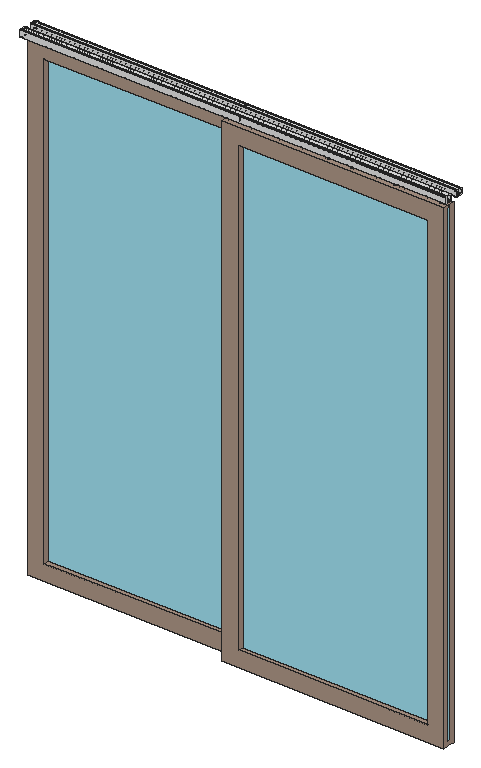
Revit family "2 Panel Slide SB2 XRDLP", category Doors, host Wall, Revit 2016
Family settings
  Host = Wall
  Always vertical = Yes
  Cut with Voids When Loaded = No
  Shared = No
  Room Calculation Point = No
Parameters (values of type "81"x 94 1/8"")
  URL = "www.raydoor.com"
  Type Image = SB2.jpg
  Trim GC [instance] = no
  Thickness = 2 1/4"  # constant formula
  Rough Width = 1"  # constant formula
  Rough Height = 161"
  Model = "SB2"
  Function = Interior
  Door Material = Door - Panel
  Panel Material = Glass, Cast, Gray
  Height = 94 1/8"
  Trim Projection Ext = 63/64"  # constant formula
  Typ = 3"
  Wall Closure = By host
  Width = 81"
  Assembly Code = "SB2 XRDLP"
Reference planes (in)
  plane 1: y = 0
  plane 2: z = 0
  plane 3: x = 0
  plane 4: x = -40.5
  plane 5: x = 40.5
  plane 6: z = 94.125
  plane 7: z = 92.9375
  plane 8: x = 37.5
  plane 9: x = 39
  plane 10: x = -1.5
  plane 11: x = 0
  plane 12: x = 1.5
  plane 13: x = -39
  plane 14: x = -37.5
  plane 15: y = 0.125
  plane 16: y = -2.375
  plane 17: y = 2.375
  plane 18: y = -0.125
Forms (in)
  Extrusion 1, solid, material "Door - Panel" <- "Door Material"
    sketch origin (-58, 2.62273, 0.25) x (1, 0, 0) y (0, 0, 1)
      loop
        line (56.2898, 92.125) -> (56.2898, 0.125) -> (98.5, 0.125) -> (98.5, 92.125) -> (56.2898, 92.125)
      loop
        line (59.5, 89.125) -> (59.5, 3.125) -> (95.5, 3.125) -> (95.5, 89.125) -> (59.5, 89.125)
    from 2.74773 to 4.99609
  Extrusion 2, solid, material "Glass, Cast, Gray" <- "Panel Material"
    sketch origin (-57.74997, -27.47932, 0.25) x (1, 0, 0) y (0, 0, 1)
      loop
        line (56.03978, 92.125) -> (56.03978, 1) -> (98.24998, 1) -> (98.24998, 92.125) -> (56.03978, 92.125)
    from -26.35104 to -26.10268
  Extrusion 3, void
    sketch origin (-58, -9.64385, -90.75) x (1, 0, 0) y (0, 0, 1)
      loop
        line (56.2898, 92) -> (56.2898, 91.125) -> (98.5, 91.125) -> (98.5, 92) -> (56.2898, 92)
    from -8.51721 to -8.26885
  Extrusion 4, solid, material "Door - Panel" <- "Door Material"
    sketch origin (-99, 0.3721, 0.25) x (1, 0, 0) y (0, 0, 1)
      loop
        line (58.5, 92.125) -> (58.5, 0.125) -> (100.5, 0.125) -> (100.5, 92.125) -> (58.5, 92.125)
      loop
        line (61.5, 89.125) -> (61.5, 3.125) -> (97.2898, 3.125) -> (97.2898, 89.125) -> (61.5, 89.125)
    from -2.00126 to 0.2471
  Extrusion 5, solid, material "Glass, Cast, Gray" <- "Panel Material"
    sketch origin (-98.99995, -4.09164, 0.25) x (1, 0, 0) y (0, 0, 1)
      loop
        line (58.49995, 92.125) -> (58.49995, 1) -> (100.5, 1) -> (100.5, 92.125) -> (58.49995, 92.125)
    from -5.465 to -5.21664
  Extrusion 6, void
    sketch origin (-99, -11.89221, -90.75) x (1, 0, 0) y (0, 0, 1)
      loop
        line (58.5, 92) -> (58.5, 91.125) -> (100.5, 91.125) -> (100.5, 92) -> (58.5, 92)
    from -13.26557 to -13.01721
  Extrusion 7, solid, material "UHMW, White", detail levels medium+fine
    sketch origin (88.27771, -1.73342, 0.25) x (0, 1, 0) y (0, 0, 1)
      loop
        line (1.16928, -0.25) -> (1.16928, -0.0625) -> (0.60678, -0.0625) -> (0.60678, 0.75) -> (0.41928, 0.75) -> (0.41928, -0.0625) -> (-0.14322, -0.0625) -> (-0.14322, -0.25) -> (1.16928, -0.25)
      loop
        line (-0.04289, 93.65625) -> (-0.04289, 92.85447) -> (1.00562, 92.85447) -> (1.00562, 93.65625) -> (-0.04289, 93.65625)
    from -89.52771 to -87.02771
  Extrusion 8, solid, material "UHMW, White", detail levels medium+fine
    sketch origin (88.27771, 0.76658, 0.25) x (0, 1, 0) y (0, 0, 1)
      loop
        line (1.16928, -0.25) -> (1.16928, -0.0625) -> (0.60678, -0.0625) -> (0.60678, 0.75) -> (0.41928, 0.75) -> (0.41928, -0.0625) -> (-0.14322, -0.0625) -> (-0.14322, -0.25) -> (1.16928, -0.25)
      loop
        line (-0.04125, 93.65625) -> (-0.04125, 92.85447) -> (1.00726, 92.85447) -> (1.00726, 93.65625) -> (-0.04125, 93.65625)
    from -89.52771 to -87.02771
  Extrusion 9, solid, material "UHMW, White"
    sketch origin (0, 42.66856, -9.0893) x (0, 1, 0) y (0, 0, 1)
      loop
        line (-40.98125, 103.19868) -> (-41.00944, 103.2143) -> (-41.82807, 103.2143) -> (-41.85625, 103.19868)
        arc (-41.85625, 103.19868) -> (-41.80157, 103.14399) -> (-41.85625, 103.0893) r 0.05469
        line (-41.85625, 103.0893) -> (-41.98125, 103.0893)
        arc (-41.98125, 103.0893) -> (-42.00335, 103.08015) -> (-42.0125, 103.05805) r 0.03125
        line (-42.0125, 103.05805) -> (-42.0125, 102.01916)
        arc (-42.0125, 102.01916) -> (-42.00619, 102.00031) -> (-41.9898, 101.98907) r 0.0313
        line (-41.9898, 101.98907) -> (-41.79375, 101.93305) -> (-41.69219, 101.93305)
        arc (-41.69219, 101.93305) -> (-41.67401, 101.9417) -> (-41.66924, 101.96126) r 0.02344
        arc (-41.66924, 101.96126) -> (-41.67141, 101.97686) -> (-41.68296, 101.98757) r 0.02344
        line (-41.68296, 101.98757) -> (-41.93438, 102.0594) -> (-41.93438, 102.13127) -> (-41.95, 102.19377) -> (-41.95, 102.99555) -> (-41.80157, 103.006) -> (-41.70968, 103.12055) -> (-41.12783, 103.12055) -> (-41.03594, 103.006) -> (-40.8875, 102.99555) -> (-40.8875, 102.19377) -> (-40.90313, 102.13127) -> (-40.90313, 102.0594) -> (-41.15455, 101.98757)
        arc (-41.15455, 101.98757) -> (-41.1661, 101.97686) -> (-41.16826, 101.96126) r 0.02344
        arc (-41.16826, 101.96126) -> (-41.1635, 101.9417) -> (-41.14532, 101.93305) r 0.02344
        line (-41.14532, 101.93305) -> (-41.04375, 101.93305) -> (-40.84771, 101.98907)
        arc (-40.84771, 101.98907) -> (-40.83132, 102.00031) -> (-40.825, 102.01916) r 0.0313
        line (-40.825, 102.01916) -> (-40.825, 103.05805)
        arc (-40.825, 103.05805) -> (-40.83416, 103.08015) -> (-40.85625, 103.0893) r 0.03125
        line (-40.85625, 103.0893) -> (-40.98125, 103.0893)
        arc (-40.98125, 103.0893) -> (-41.03594, 103.14399) -> (-40.98125, 103.19868) r 0.05469
    from -40.5 to 40.5
  Extrusion 10, solid, material "UHMW, White"
    sketch origin (-41.44048, 1.65912, 94.125) x (0, -1, 0) y (1, 0, 0)
      loop
        circle (2.90868, 80.44048) r 0.125
    from -1.75 to -0.09375
  Extrusion 11, solid, material "UHMW, White"
    sketch origin (0, 40.4202, -9.0893) x (0, 1, 0) y (0, 0, 1)
      loop
        line (-41.23289, 103.19868) -> (-41.26108, 103.2143) -> (-42.07971, 103.2143) -> (-42.10789, 103.19868)
        arc (-42.10789, 103.19868) -> (-42.05321, 103.14399) -> (-42.10789, 103.0893) r 0.05469
        line (-42.10789, 103.0893) -> (-42.23289, 103.0893)
        arc (-42.23289, 103.0893) -> (-42.25499, 103.08015) -> (-42.26414, 103.05805) r 0.03125
        line (-42.26414, 103.05805) -> (-42.26414, 102.01916)
        arc (-42.26414, 102.01916) -> (-42.25783, 102.00031) -> (-42.24144, 101.98907) r 0.0313
        line (-42.24144, 101.98907) -> (-42.04539, 101.93305) -> (-41.94383, 101.93305)
        arc (-41.94383, 101.93305) -> (-41.92565, 101.9417) -> (-41.92088, 101.96126) r 0.02344
        arc (-41.92088, 101.96126) -> (-41.92305, 101.97686) -> (-41.9346, 101.98757) r 0.02344
        line (-41.9346, 101.98757) -> (-42.18602, 102.0594) -> (-42.18602, 102.13127) -> (-42.20164, 102.19377) -> (-42.20164, 102.99555) -> (-42.05321, 103.006) -> (-41.96132, 103.12055) -> (-41.37947, 103.12055) -> (-41.28758, 103.006) -> (-41.13914, 102.99555) -> (-41.13914, 102.19377) -> (-41.15477, 102.13127) -> (-41.15477, 102.0594) -> (-41.40619, 101.98757)
        arc (-41.40619, 101.98757) -> (-41.41774, 101.97686) -> (-41.4199, 101.96126) r 0.02344
        arc (-41.4199, 101.96126) -> (-41.41514, 101.9417) -> (-41.39696, 101.93305) r 0.02344
        line (-41.39696, 101.93305) -> (-41.29539, 101.93305) -> (-41.09935, 101.98907)
        arc (-41.09935, 101.98907) -> (-41.08296, 102.00031) -> (-41.07664, 102.01916) r 0.0313
        line (-41.07664, 102.01916) -> (-41.07664, 103.05805)
        arc (-41.07664, 103.05805) -> (-41.0858, 103.08015) -> (-41.10789, 103.0893) r 0.03125
        line (-41.10789, 103.0893) -> (-41.23289, 103.0893)
        arc (-41.23289, 103.0893) -> (-41.28758, 103.14399) -> (-41.23289, 103.19868) r 0.05469
    from -40.5 to 40.5
  Extrusion 12, solid, material "UHMW, White"
    sketch origin (-92.86615, -11.16274, 94.125) x (0, -1, 0) y (1, 0, 0)
      loop
        circle (-12.41356, 92.86615) r 0.125
    from -1.75 to 0
Cuts and joins
  Extrusion 3 cuts Extrusion 1
  Extrusion 3 cuts Extrusion 2
  Extrusion 6 cuts Extrusion 4
  Extrusion 6 cuts Extrusion 5
Lines and regions (in)
  Opening 1
    outline origin (-60, -2.99773, 144) x (0, 0, -1) y (1, 0, 0)
      loop
        line (49.875, 19.5) -> (144, 19.5) -> (144, 100.5) -> (49.875, 100.5) -> (49.875, 19.5)
  Masking region 1
    outline origin (-7.24693, 27.04592, 0) x (1, 0, 0) y (0, 1, 0)
      loop
        line (8.74693, -29.42092) -> (8.74693, -27.17092) -> (-33.25307, -27.17092) -> (-33.25307, -29.42092) -> (8.74693, -29.42092)
  Masking region 2
    outline origin (-7.24693, 29.28975, 0) x (1, 0, 0) y (0, 1, 0)
      loop
        line (8.74693, -29.16475) -> (8.74693, -26.91475) -> (-33.25307, -26.91475) -> (-33.25307, -29.16475) -> (8.74693, -29.16475)
  symbolic lines, style "Elevation Swing"
    curve 1: line (-24.87555, 0, 37.98833) -> (17.4602, 0, 37.98833)
    curve 2: line (17.58465, 0, 32.79755) -> (-24.37555, 0, 32.79755)
    curve 3: line (-24.87555, 0, 37.98833) -> (-16.75562, 0, 40.48833)
    curve 4: line (12.38849, 0, 29.79755) -> (17.58465, 0, 32.79755)
  symbolic lines, style "Plan Swing"
    curve 5: line (25.5, -14.55138, 0) -> (8.7102, -14.55138, 0)
    curve 6: line (8.7102, -14.55138, 0) -> (10.83152, -12.43006, 0)
    curve 7: line (25.5, -16.07036, 0) -> (8.7102, -16.07036, 0)
    curve 8: line (23.37868, -18.19168, 0) -> (25.5, -16.07036, 0)
  model lines
    curve 9: line (-40.5, 3.00227, 0) -> (40.5, 3.00227, 0)
Dimensions and locks (in)
  equal spacing: plane 4, plane 3, plane 5
  "Width": plane 4 to plane 5
  "Height": plane 6 to plane 2
  locked: plane 6 to plane 7 at 1.1875
  equal spacing: plane 8, plane 9, plane 5
  "Typ": plane 8 to plane 5
  equal spacing: plane 10, plane 11, plane 12
  "Typ": plane 10 to plane 12
  equal spacing: plane 13, plane 11, plane 9
  "Typ": Extrusion 1 sketch curve to Extrusion 1 sketch curve  (x2)
  locked: Extrusion 2 to Extrusion 2 at 0.24836
  locked: Extrusion 2 sketch curve to Extrusion 1 at 0.875
  locked: Extrusion 3 to Extrusion 3 at 0.24836
  "Typ": Extrusion 4 sketch curve to Extrusion 4 sketch curve  (x2)
  locked: Extrusion 5 to Extrusion 5 at 0.24836
  locked: Extrusion 4 to Extrusion 5 at 1
  locked: Extrusion 5 sketch curve to Extrusion 4 at 0.875
  locked: Extrusion 6 to Extrusion 6 at 0.24836
  locked: plane 15 to plane 18 at 0.25
  "Typ": plane 4 to plane 14
  "Thickness": plane 17 to plane 15
  "Thickness": plane 18 to plane 16
  plane 4 to plane 13 to plane 14 = 1 1/2", 1 1/2"
  locked: Extrusion 7 to Extrusion 7 at 2.5
  Extrusion 7 sketch curve to Extrusion 7 sketch curve = 3/16"
  locked: Extrusion 7 sketch curve to Extrusion 7 sketch curve at 0.5625  (x2)
  locked: Extrusion 7 sketch curve to Extrusion 7 sketch curve at 0.1875
  Extrusion 7 to Extrusion 7 = 2 1/2"
  locked: Extrusion 8 to Extrusion 8 at 2.5
  Extrusion 8 sketch curve to Extrusion 8 sketch curve = 3/16"
  locked: Extrusion 8 sketch curve to Extrusion 8 sketch curve at 0.5625  (x2)
  locked: Extrusion 8 sketch curve to Extrusion 8 sketch curve at 0.1875
  locked: cut or joined group of Extrusion 2, Extrusion 3 to plane 16 at 0.99836
  locked: plane 17 to Extrusion 12 sketch curve at 1.24918
  locked: Extrusion 10 sketch curve to plane 16 at 1.00044
  cut or joined group of Extrusion 1, Extrusion 3 to level = 3/8"
  diameter of Extrusion 10 sketch curve = 1/4"
  diameter of Extrusion 12 sketch curve = 1/4"
  aligned and locked: plane 5 to curve 9
  aligned and locked: Opening 1 sketch curve to plane 5
  aligned and locked: Opening 1 sketch curve to plane 4
  aligned and locked: Extrusion 1 to Extrusion 2
  aligned and locked: Extrusion 1 to Extrusion 3  (x2)
  aligned and locked: Extrusion 4 to Extrusion 5
  aligned and locked: Extrusion 4 to Extrusion 6  (x2)
  aligned and locked: plane 4 to cut or joined group of Extrusion 4, Extrusion 6
  aligned and locked: plane 4 to cut or joined group of Extrusion 5, Extrusion 6
  aligned and locked: Masking region 2 to plane 12
  aligned and locked: plane 4 to Masking region 2
  aligned and locked: plane 17 to Masking region 2
  aligned and locked: Masking region 2 to plane 15
  aligned and locked: Extrusion 7 sketch curve to Extrusion 7 sketch curve
  aligned and locked: cut or joined group of Extrusion 1, Extrusion 3 to Extrusion 7
  aligned and locked: Extrusion 8 sketch curve to Extrusion 8 sketch curve
  aligned and locked: cut or joined group of Extrusion 4, Extrusion 6 to Extrusion 8
  aligned and locked: Extrusion 10 to Extrusion 9
  aligned and locked: plane 4 to Extrusion 11
  aligned and locked: plane 4 to Extrusion 9
  aligned and locked: Masking region 1 to plane 12
  aligned and locked: plane 4 to Masking region 1
  aligned and locked: plane 18 to Masking region 1
  aligned and locked: Masking region 1 to plane 16
  aligned and locked: Extrusion 9 to plane 5
  aligned and locked: Extrusion 11 to plane 5
Automatic sketch dimensions
  curve 3 to plane 14 = 12.62445"
  level to curve 3 = 37.98833"
  curve 4 to plane 12 = 16.08465"
  curve 1 to curve 4 = 5.19077"
  plane 10 to curve 3 = 15.25562"
  curve 3 to curve 1 = 2 1/2"
  curve 4 to plane 12 = 10.88849"
  curve 2 to curve 4 = 3"
  curve 1 to curve 2 = 1/2"
  curve 1 to curve 2 = 0.12445"
  Opening 1 sketch curve to plane 6 = 0"
  Opening 1 sketch curve to level = 0"
  curve 5 to plane 12 = 7.2102"
  plane 8 to curve 7 = 12"
  host wall to curve 7 = 13.07263"
  curve 7 to curve 6 = 1.51898"
  curve 7 to curve 5 = 0"
  curve 5 to curve 6 = 2.12132"  (x2)
  curve 8 to curve 7 = 2.12132"  (x2)
  curve 5 to curve 7 = 0"
  curve 9 to level = 0"
  plane 4 to curve 9 = 0"
  Masking region 1 sketch curve to plane 14 = 39"
  Masking region 1 sketch curve to host wall = 2.87273"
  plane 4 to Masking region 1 sketch curve = 0"
  Masking region 1 sketch curve to Masking region 1 sketch curve = 2 1/4"
  Masking region 2 sketch curve to plane 4 = 0"
  Masking region 2 sketch curve to plane 12 = 0"
  Masking region 2 sketch curve to plane 15 = 0"
  Masking region 2 sketch curve to plane 17 = 0"
  plane 10 to Extrusion 2 sketch curve = 0.21019"
  Extrusion 2 sketch curve to plane 5 = 0"
  plane 7 to Extrusion 2 sketch curve = 9/16"
  plane 5 to Extrusion 3 sketch curve = 0"
  plane 10 to Extrusion 3 sketch curve = 0.2102"
  level to Extrusion 3 sketch curve = 3/8"
  Extrusion 3 sketch curve to Extrusion 3 sketch curve = 7/8"
  plane 4 to Extrusion 5 sketch curve = 0"
  Extrusion 5 sketch curve to plane 12 = 0.00005"
  plane 7 to Extrusion 5 sketch curve = 9/16"
  plane 4 to Extrusion 6 sketch curve = 0"
  plane 12 to Extrusion 6 sketch curve = 0"
  level to Extrusion 6 sketch curve = 3/8"
  Extrusion 6 sketch curve to Extrusion 6 sketch curve = 7/8"
  Extrusion 7 sketch curve to level = 0"
  plane 16 to Extrusion 7 sketch curve = 0.49836"
  Extrusion 7 sketch curve to plane 7 = 0.16697"
  plane 16 to Extrusion 7 sketch curve = 0.59869"
  plane 6 to Extrusion 7 sketch curve = 7/32"
  Extrusion 7 sketch curve to plane 18 = 0.6028"
  Extrusion 7 sketch curve to Extrusion 7 sketch curve = 13/16"
  Extrusion 8 sketch curve to level = 0"
  plane 15 to Extrusion 8 sketch curve = 0.49836"
  Extrusion 8 sketch curve to plane 7 = 0.16697"
  plane 15 to Extrusion 8 sketch curve = 0.60033"
  plane 6 to Extrusion 8 sketch curve = 7/32"
  Extrusion 8 sketch curve to plane 17 = 0.60116"
  Extrusion 8 sketch curve to Extrusion 8 sketch curve = 13/16"
  plane 6 to Extrusion 9 sketch curve = 0"
  plane 7 to Extrusion 9 sketch curve = 0.00764"  (x2)
  plane 15 to Extrusion 9 sketch curve = 0.53106"
  plane 7 to Extrusion 9 sketch curve = 0.03774"  (x2)
  Extrusion 9 sketch curve to Extrusion 9 sketch curve = 0.0227"
  Extrusion 9 sketch curve to Extrusion 9 sketch curve = 1/32"  (x3)
  Extrusion 9 sketch curve to plane 7 = 0.10447"
  Extrusion 9 sketch curve to Extrusion 9 sketch curve = 1/64"  (x2)
  Extrusion 9 sketch curve to Extrusion 9 sketch curve = 1/8"
  Extrusion 9 sketch curve to Extrusion 9 sketch curve = 0.02819"  (x2)
  plane 6 to Extrusion 9 sketch curve = 0.20831"  (x2)
  Extrusion 9 sketch curve to Extrusion 9 sketch curve = 7/128"  (x3)
  plane 7 to Extrusion 9 sketch curve = 3/32"  (x2)
  Extrusion 9 sketch curve to Extrusion 9 sketch curve = 9/64"  (x2)
  plane 6 to Extrusion 9 sketch curve = 3/32"
  Extrusion 9 sketch curve to Extrusion 9 sketch curve = 0.09189"  (x2)
  Extrusion 9 sketch curve to Extrusion 9 sketch curve = 13/128"  (x2)
  Extrusion 9 sketch curve to Extrusion 9 sketch curve = 0"  (x2)
  plane 7 to Extrusion 9 sketch curve = 0.03924"  (x2)
  Extrusion 9 sketch curve to Extrusion 9 sketch curve = 0.00923"  (x2)
  Extrusion 9 sketch curve to Extrusion 9 sketch curve = 0.52841"
  Extrusion 9 sketch curve to Extrusion 9 sketch curve = 0.58185"
  Extrusion 9 sketch curve to Extrusion 9 sketch curve = 0.11839"
  Extrusion 9 sketch curve to plane 7 = 0.0326"  (x2)
  Extrusion 9 sketch curve to plane 7 = 0.16697"
  Extrusion 9 sketch curve to Extrusion 9 sketch curve = 0.04683"
  Extrusion 9 sketch curve to Extrusion 9 sketch curve = 0.0086"
  Extrusion 9 sketch curve to Extrusion 9 sketch curve = 3/128"  (x2)
  Extrusion 9 sketch curve to Extrusion 9 sketch curve = 0.00953"  (x2)
  Extrusion 9 sketch curve to Extrusion 9 sketch curve = 1/16"  (x4)
  Extrusion 9 sketch curve to Extrusion 9 sketch curve = 0.01044"  (x2)
  Extrusion 9 to Extrusion 10 sketch curve = 1 1/2"
  plane 6 to Extrusion 11 sketch curve = 0"
  plane 7 to Extrusion 11 sketch curve = 0.00764"  (x2)
  plane 16 to Extrusion 11 sketch curve = 0.53106"
  plane 7 to Extrusion 11 sketch curve = 0.03774"  (x2)
  Extrusion 11 sketch curve to Extrusion 11 sketch curve = 0.0227"
  Extrusion 11 sketch curve to Extrusion 11 sketch curve = 1/32"  (x3)
  Extrusion 11 sketch curve to plane 7 = 0.10447"
  Extrusion 11 sketch curve to Extrusion 11 sketch curve = 1/64"  (x2)
  Extrusion 11 sketch curve to Extrusion 11 sketch curve = 1/8"
  Extrusion 11 sketch curve to Extrusion 11 sketch curve = 0.02819"  (x2)
  plane 6 to Extrusion 11 sketch curve = 0.20831"  (x2)
  Extrusion 11 sketch curve to Extrusion 11 sketch curve = 7/128"  (x3)
  plane 7 to Extrusion 11 sketch curve = 3/32"  (x2)
  Extrusion 11 sketch curve to Extrusion 11 sketch curve = 9/64"  (x2)
  plane 6 to Extrusion 11 sketch curve = 3/32"
  Extrusion 11 sketch curve to Extrusion 11 sketch curve = 0.09189"  (x2)
  Extrusion 11 sketch curve to Extrusion 11 sketch curve = 13/128"  (x2)
  Extrusion 11 sketch curve to Extrusion 11 sketch curve = 0"  (x2)
  plane 7 to Extrusion 11 sketch curve = 0.03924"  (x2)
  Extrusion 11 sketch curve to Extrusion 11 sketch curve = 0.00923"  (x2)
  Extrusion 11 sketch curve to Extrusion 11 sketch curve = 0.52841"
  Extrusion 11 sketch curve to Extrusion 11 sketch curve = 0.58185"
  Extrusion 11 sketch curve to Extrusion 11 sketch curve = 0.11839"
  Extrusion 11 sketch curve to plane 7 = 0.0326"  (x2)
  Extrusion 11 sketch curve to plane 7 = 0.16697"
  Extrusion 11 sketch curve to Extrusion 11 sketch curve = 0.04683"
  Extrusion 11 sketch curve to Extrusion 11 sketch curve = 0.0086"
  Extrusion 11 sketch curve to Extrusion 11 sketch curve = 3/128"  (x2)
  Extrusion 11 sketch curve to Extrusion 11 sketch curve = 0.00953"  (x2)
  Extrusion 11 sketch curve to Extrusion 11 sketch curve = 1/16"  (x4)
  Extrusion 11 sketch curve to Extrusion 11 sketch curve = 0.01044"  (x2)
  Extrusion 9 to Extrusion 12 sketch curve = 40 1/2"
  plane 8 to Extrusion 1 sketch curve = 0"
  plane 5 to Extrusion 1 sketch curve = 0"
  plane 12 to Extrusion 1 sketch curve = 0"
  plane 10 to Extrusion 1 sketch curve = 0.2102"
  level to Extrusion 1 sketch curve = 3/8"
  plane 7 to Extrusion 1 sketch curve = 3 9/16"
  plane 4 to Extrusion 4 sketch curve = 0"
  plane 14 to Extrusion 4 sketch curve = 0"
  plane 10 to Extrusion 4 sketch curve = 0.2102"
  Extrusion 4 sketch curve to plane 12 = 0"
  level to Extrusion 4 sketch curve = 3/8"
  plane 7 to Extrusion 4 sketch curve = 3 9/16"
